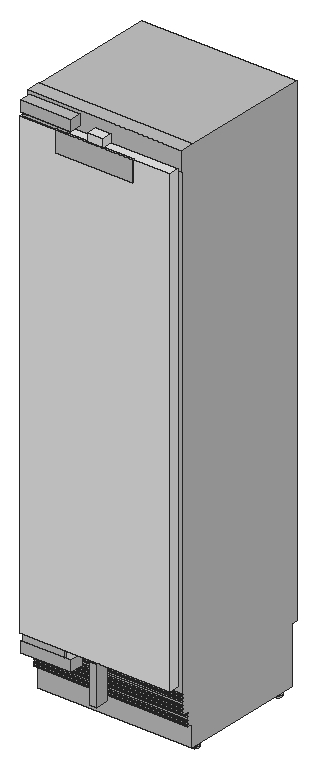
Revit family "FP_Revit_18_RS6121FLJK1_Freezer_90001096A", category Specialty Equipment, Revit 2018
Family settings
  Round Connector Dimension = Use Diameter
  Part Type = Normal
  OmniClass Number = 23.40.40.11.11
  OmniClass Title = Refrigerators and Freezers
  Work Plane-Based = No
  Always vertical = Yes
  Cut with Voids When Loaded = Yes
  Shared = No
  Room Calculation Point = No
Parameters (values of type "RS6121FLK1")
  Visibility - Water Connection = no
  Visibility - Visibility Control Note = yes
  Visibility - Clearance Required = yes
  URL = "www.fisherpaykel.com"
  Stainless Steel Door Panels (RD6121L10D) = no
  Product - Width = 603 mm  # constant formula
  Product - Height = 2134 mm  # constant formula
  Product - Depth (exl front panel) = 610 mm  # constant formula
  Model = "RS6121FLK1"
  Material - Handle = Fisher & Paykel - Aluminium
  Material - Door Structure = Fisher & Paykel - White
  Material - Door Front = Fisher & Paykel - Stainless Steel
  Material - Body = Fisher & Paykel - Grey
  Manufacturer = "Fisher & Paykel Appliances"
  Handle Style - Contemporary Square (AHD3-RD21) = no
  Handle Style - Contemporary Round (AHS-RD21) = no
  Description = "61cm Integrated Column Freezer, stainless steel interior"
  Connector Description - Water = "Water Supply not required"
  Connector Description - Electrical = "230 V, 10 amp fused electrical supply"
  Cavity - Width = 610 mm  # constant formula
  Cavity - Height = 2134 mm  # constant formula
  Cavity - Depth = 650 mm  # constant formula
Types (4, lengths in mm): name | Visibility - Water Connection | Model | Description | Connector Description - Water
  (no name) | no | "RS6121FLK1" | "61cm Integrated Column Freezer, stainless steel interior" | "Water Supply not required"
  RS6121FLJK1 | yes | "RS6121FLJK1" | "61cm Integrated Column Freezer with internal ice maker, stainless steel interior" | "1/2 BSP Stainless steel braided hose"
  RS6121FLK1 | no | "RS6121FLK1" | "61cm Integrated Column Freezer, stainless steel interior" | "Water Supply not required"
  RS6121FLJ1 | yes | "RS6121FLJ1" | "61cm Integrated Column Freezer with internal ice maker, white interior" | "1/2 BSP Stainless steel braided hose"
Reference planes
  plane 1 "Datum": y = 0
  plane 2: z = 0
  plane 3 "Center (Left/Right)": x = 0
  plane 4 "Product LHS": x = -301.5
  plane 5 "Product RHS": x = 301.5
  plane 6 "Product - Depth": y = 610
  plane 7 "Cavity LHS": x = -305
  plane 8 "Cavity RHS": x = 305
  plane 9 "Cavity - Depth": y = 628
  plane 10 "Handle Offset": x = 238.5
  plane 11 "Product Height": z = 2134
  plane 12 "Cavity Height": z = 2134
  plane 13 "Door Panel Datum": y = -4.1
Forms (mm)
  Extrusion 1, solid, material "Fisher & Paykel - Grey" <- "Material - Body", detail levels fine
    sketch origin (0, 0, 0) x (0, 1, 0) y (0, 0, 1)
      loop
        line (100.1, 19.1) -> (587.9, 19.1) -> (587.9, 239.7) -> (610, 239.7) -> (610, 2131.9) -> (105.1, 2131.9) -> (105.1, 2134) -> (49.9, 2134) -> (49.9, 2059) -> (56, 2059) -> (56, 228.6) -> (59.5, 228.6) -> (59.5, 219.7) -> (56.5, 219.7) -> (56.5, 215.9) -> (59.5, 215.9) -> (59.5, 207) -> (56.5, 207) -> (56.5, 203.2) -> (59.5, 203.2) -> (59.5, 194.3) -> (56.5, 194.3) -> (56.5, 190.5) -> (59.5, 190.5) -> (59.5, 181.6) -> (56.5, 181.6) -> (56.5, 177.8) -> (59.5, 177.8) -> (59.5, 168.9) -> (56.5, 168.9) -> (56.5, 165.1) -> (59.5, 165.1) -> (59.5, 156.2) -> (56.5, 156.2) -> (56.5, 152.4) -> (84.1, 152.4) -> (84.1, 143.5) -> (81.1, 143.5) -> (81.1, 139.7) -> (84.1, 139.7) -> (84.1, 130.8) -> (81.1, 130.8) -> (81.1, 127) -> (84.1, 127) -> (84.1, 118.1) -> (81.1, 118.1) -> (81.1, 114.3) -> (84.1, 114.3) -> (84.1, 105.4) -> (81.1, 105.4) -> (81.1, 101.6) -> (100.1, 101.6) -> (100.1, 19.1)
    from -301.5 to 301.5
  Extrusion 2, solid, material "Fisher & Paykel - Grey" <- "Material - Body"
    sketch origin (0, 0, 0) x (1, 0, 0) y (0, 1, 0)
      loop
        circle (-281, 547.8) r 4.1
      loop
        circle (-281, 141.8) r 4.1
      loop
        circle (281, 547.8) r 4.1
      loop
        circle (281, 141.8) r 4.1
    from 3 to 19.1
  Extrusion 3, solid, material "Fisher & Paykel - Grey" <- "Material - Body"
    sketch origin (0, 0, 0) x (1, 0, 0) y (0, 1, 0)
      loop
        circle (-281, 547.8) r 14.5
      loop
        circle (-281, 141.8) r 14.555
      loop
        circle (281, 547.8) r 14.5
      loop
        circle (281, 141.8) r 14.555
    from 0 to 3
  Extrusion 4, solid, material "Fisher & Paykel - Grey" <- "Material - Body", detail levels fine
    sketch origin (0, 0, 0) x (1, 0, 0) y (0, 1, 0)
      loop
        line (-7.5, 49) -> (-13.797, -4.1) -> (13.797, -4.1) -> (7.5, 49) -> (-7.5, 49)
    from 104.2 to 254.2
  Extrusion 5, solid, material "Fisher & Paykel - Grey" <- "Material - Body", detail levels fine
    sketch origin (0, 0, 0) x (0, 1, 0) y (0, 0, 1)
      loop
        line (0, 2070.6) -> (0, 1988.6) -> (2, 1988.6) -> (2, 2068.6) -> (4, 2068.6) -> (4, 2070.6) -> (0, 2070.6)
    from -150 to 150
  Extrusion 6, solid, material "Fisher & Paykel - Grey" <- "Material - Body"
    sketch origin (0, 0, 0) x (1, 0, 0) y (0, 0, 1)
      loop
        circle (226.5, 119.813) r 5
      loop
        circle (-226.5, 119.813) r 5
    from -590 to -587.9
  Extrusion 7, solid, material "Fisher & Paykel - White" <- "Material - Door Structure"
    sketch origin (0, 0, 0) x (1, 0, 0) y (0, 1, 0)
      loop
        line (-276.5, 56) -> (-276.5, 42) -> (276.5, 42) -> (276.5, 56) -> (-276.5, 56)
    from 269.6 to 2030.7
  Extrusion 8, solid, material "Fisher & Paykel - White" <- "Material - Door Structure"
    sketch origin (0, 0, 0) x (1, 0, 0) y (0, 1, 0)
      loop
        line (-292.9, 42) -> (-292.9, 3) -> (292.9, 3) -> (292.9, 42) -> (-292.9, 42)
    from 254.2 to 2068.6
  Extrusion 9, solid, material "Fisher & Paykel - White" <- "Material - Door Structure", detail levels fine
    sketch origin (0, 0, 0) x (1, 0, 0) y (0, 0, 1)
      loop
        line (-29.5, 2100.1) -> (-29.5, 2068.6) -> (29.5, 2068.6) -> (29.5, 2100.1) -> (-29.5, 2100.1)
    from -42 to -3
  Extrusion 10, solid, material "Fisher & Paykel - Stainless Steel" <- "Material - Door Front", visible <- "Stainless Steel Door Panels (RD6121L10D)"
    sketch origin (0, 0, 0) x (0, 1, 0) y (0, 0, 1)
      loop
        line (-22.1, 2130.8) -> (-22.1, 102) -> (-4.1, 102) -> (-4.1, 2130.8) -> (-22.1, 2130.8)
    from -301.5 to 301.5
  Extrusion 11, solid, material "Fisher & Paykel - Grey" <- "Material - Body", detail levels coarse+medium
    sketch origin (0, 0, 0) x (0, 1, 0) y (0, 0, 1)
      loop
        line (49.9, 2134) -> (49.9, 2059) -> (56, 2059) -> (56, 152.4) -> (81.1, 152.4) -> (81.1, 101.6) -> (100.1, 101.6) -> (100.1, 19.1) -> (587.9, 19.1) -> (587.9, 239.7) -> (610, 239.7) -> (610, 2134) -> (49.9, 2134)
    from -301.5 to 301.5
  Extrusion 12, solid, material "Fisher & Paykel - Grey" <- "Material - Body", detail levels fine
    sketch origin (0, 0, 0) x (-1, 0, 0) y (0, 0, -1)
      loop
        line (289.9, -187.65) -> (95.42, -187.65) -> (95.42, -229.75) -> (289.9, -229.75) -> (289.9, -187.65)
    from -56 to -2.5
  Extrusion 13, solid, material "Fisher & Paykel - Grey" <- "Material - Body", detail levels fine
    sketch origin (0, 0, 0) x (-1, 0, 0) y (0, 0, -1)
      loop
        line (289.9, -2123.15) -> (289.9, -2081.05) -> (95.42, -2081.05) -> (95.42, -2123.15) -> (289.9, -2123.15)
    from -49 to -2.5
  Extrusion 14, solid, material "Fisher & Paykel - Grey" <- "Material - Body", detail levels fine
    sketch origin (0, 0, -4) x (0, 1, 0) y (0, 0, 1)
      loop
        arc (163.888, 23.1) -> (180.4, 13.63) -> (196.912, 23.1) r 19.13
        line (196.912, 23.1) -> (163.888, 23.1)
      loop
        arc (493.888, 23.1) -> (510.4, 13.63) -> (526.912, 23.1) r 19.13
        line (526.912, 23.1) -> (493.888, 23.1)
    from 191 to 219
  Extrusion 15, solid, material "Fisher & Paykel - Grey" <- "Material - Body", detail levels fine
    sketch origin (0, 0, -4) x (0, 1, 0) y (0, 0, -1)
      loop
        line (163.888, -23.1) -> (196.912, -23.1)
        arc (196.912, -23.1) -> (180.4, -13.63) -> (163.888, -23.1) r 19.13
      loop
        line (493.888, -23.1) -> (526.912, -23.1)
        arc (526.912, -23.1) -> (510.4, -13.63) -> (493.888, -23.1) r 19.13
    from 191 to 219
  Extrusion 16, solid, material "Fisher & Paykel - Clearance Required", visible <- "Visibility - Clearance Required", detail levels coarse
    sketch origin (0, 0, 0) x (1, 0, 0) y (0, 1, 0)
      loop
        line (-305, 628) -> (-305, -4.1) -> (305, -4.1) -> (305, 628) -> (-305, 628)
    from 0 to 2134
  Extrusion 17, void
    sketch origin (0, 0, 0) x (1, 0, 0) y (0, 1, 0)
      loop
        line (-305, 628) -> (-305, -22.1) -> (305, -22.1) -> (305, 628) -> (-305, 628)
    from 0 to 2134
  Extrusion 18, solid, material "Fisher & Paykel - Clearance Required", visible <- "Visibility - Clearance Required", detail levels coarse
    sketch origin (0, 0, 0) x (-1, 0, 0) y (0, -1, 0)
      loop
        line (-301.5, 22) -> (301.5, 22)
        arc (301.5, 22) -> (310.614, 38.517) -> (329.447, 39.615) r 19.524
        line (329.447, 39.615) -> (550.259, 513.224) -> (574.757, 501.803)
        arc (574.757, 501.803) -> (598.009, 510.266) -> (589.546, 533.517) r 17.497
        line (589.546, 533.517) -> (565.059, 544.952) -> (584.283, 586.12)
        arc (584.283, 586.12) -> (-13.379, 547.082) -> (-301.5, 22) r 622.524
    from 0 to 2134
  Extrusion 19, solid, material "Fisher & Paykel - Grey" <- "Material - Body", detail levels fine
    sketch origin (0, 0, 0) x (-1, 0, 0) y (0, 0, -1)
      loop
        line (118.4, -254.2) -> (282.9, -254.2) -> (282.9, -229.75) -> (118.4, -229.75) -> (118.4, -254.2)
      loop
        line (106, -2081.05) -> (242.9, -2081.05) -> (282.9, -2076.05) -> (282.9, -2068.6) -> (106, -2068.6) -> (106, -2081.05)
    from -7 to -4
Lines and regions (mm)
  model lines, style "Fisher & Paykel"
    curve 1: line (-301.5, -4.1, 2130.8) -> (301.5, -4.1, 2130.8)
    curve 2: line (-301.5, -4.1, 102) -> (-301.5, -4.1, 2130.8)
    curve 3: line (301.5, -4.1, 102) -> (-301.5, -4.1, 102)
    curve 4: line (301.5, -4.1, 2130.8) -> (301.5, -4.1, 102)
Text (mm)
  text "Due to ongoing product development, product details are subject to change without notice. \nPlease always refer to www.fisherpaykel.com for the most current product information. \n© Fisher & Paykel 2020" at (41.04, -678.295, 0), in view "Ref. Level (Plan)"
Dimensions and locks
  equal spacing: plane 4 "Product LHS", plane 3 "Center (Left/Right)", plane 5 "Product RHS"
  "Product - Width": plane 4 "Product LHS" to plane 5 "Product RHS"
  "Product - Depth (exl front panel)": plane 1 "Datum" to plane 6 "Product - Depth"
  equal spacing: plane 7 "Cavity LHS", plane 3 "Center (Left/Right)", plane 8 "Cavity RHS"
  "Cavity - Width": plane 7 "Cavity LHS" to plane 8 "Cavity RHS"
  plane 4 "Product LHS" to Extrusion 2 sketch curve = 24.6 mm
  plane 4 "Product LHS" to plane 10 "Handle Offset" = 540 mm
  Extrusion 6 sketch curve to Extrusion 1 = 119.887 mm  (x2)
  Extrusion 6 sketch curve to plane 5 "Product RHS" = 75 mm
  plane 4 "Product LHS" to Extrusion 6 sketch curve = 75 mm
  Extrusion 1 sketch curve to Extrusion 1 sketch curve = 82.5 mm
  Extrusion 1 sketch curve to Extrusion 1 sketch curve = 209.5 mm
  Extrusion 3 to level = 3 mm
  Extrusion 11 to Extrusion 8 = 235.1 mm
  Extrusion 11 to Extrusion 7 = 250.5 mm
  Extrusion 11 to Extrusion 11 = 2114.9 mm
  Extrusion 11 to Extrusion 10 = 82.9 mm
  "Product - Height": level to plane 11 "Product Height"
  plane 11 "Product Height" to Extrusion 10 = 3.2 mm
  Extrusion 8 to plane 11 "Product Height" = 65.4 mm
  Extrusion 7 to plane 11 "Product Height" = 103.3 mm
  Extrusion 11 sketch curve to plane 11 "Product Height" = 75 mm
  Extrusion 1 sketch curve to plane 11 "Product Height" = 2.1 mm
  Extrusion 1 sketch curve to plane 11 "Product Height" = 75 mm
  "Cavity - Height": plane 12 "Cavity Height" to level
  plane 1 "Datum" to Extrusion 16 = 628 mm
  plane 1 "Datum" to Extrusion 17 = 628 mm
  Extrusion 19 sketch curve to Extrusion 19 sketch curve = 40 mm
  Extrusion 19 sketch curve to Extrusion 19 sketch curve = 176.9 mm
  plane 3 "Center (Left/Right)" to Extrusion 19 sketch curve = 106 mm
  plane 3 "Center (Left/Right)" to Extrusion 19 sketch curve = 118.4 mm
  "Cavity - Depth": Extrusion 17 to Extrusion 18
  Extrusion 18 to plane 1 "Datum" = 22 mm
  radius of Extrusion 6 sketch curve = 5 mm
  aligned and locked: level to plane 2
  aligned and locked: Extrusion 10 to plane 5 "Product RHS"
  aligned and locked: plane 4 "Product LHS" to Extrusion 10
  aligned and locked: Extrusion 11 to plane 5 "Product RHS"
  aligned and locked: Extrusion 11 to plane 4 "Product LHS"
  aligned and locked: Extrusion 11 sketch curve to plane 11 "Product Height"
  aligned and locked: plane 11 "Product Height" to Extrusion 1 sketch curve
  aligned and locked: Extrusion 14 sketch curve to Extrusion 14 sketch curve
  aligned and locked: Extrusion 15 sketch curve to Extrusion 15 sketch curve
  aligned and locked: Extrusion 1 to plane 5 "Product RHS"
  aligned and locked: plane 4 "Product LHS" to Extrusion 1
  aligned and locked: Extrusion 2 to Extrusion 1
  aligned and locked: nested 3 to plane 10 "Handle Offset"
  aligned and locked: nested 2 to plane 10 "Handle Offset"
Automatic sketch dimensions
  Extrusion 2 sketch curve to plane 4 "Product LHS" = 20.5 mm  (x2)
  plane 5 "Product RHS" to Extrusion 2 sketch curve = 20.5 mm  (x2)
  Extrusion 2 sketch curve to plane 1 "Datum" = 141.8 mm  (x2)
  Extrusion 2 sketch curve to plane 6 "Product - Depth" = 62.2 mm  (x2)
  Extrusion 3 sketch curve to plane 4 "Product LHS" = 20.5 mm  (x2)
  plane 5 "Product RHS" to Extrusion 3 sketch curve = 20.5 mm  (x2)
  Extrusion 3 sketch curve to plane 1 "Datum" = 141.8 mm  (x2)
  Extrusion 3 sketch curve to plane 6 "Product - Depth" = 62.2 mm  (x2)
  plane 1 "Datum" to Extrusion 4 sketch curve = 4.1 mm
  Extrusion 4 sketch curve to plane 3 "Center (Left/Right)" = 13.797 mm
  Extrusion 4 sketch curve to plane 3 "Center (Left/Right)" = 7.5 mm
  plane 3 "Center (Left/Right)" to Extrusion 4 sketch curve = 7.5 mm
  plane 3 "Center (Left/Right)" to Extrusion 4 sketch curve = 13.797 mm
  Extrusion 4 sketch curve to plane 1 "Datum" = 49 mm
  Extrusion 5 sketch curve to plane 1 "Datum" = 0 mm
  Extrusion 5 sketch curve to plane 1 "Datum" = 2 mm
  Extrusion 5 sketch curve to Extrusion 5 sketch curve = 2 mm  (x2)
  plane 11 "Product Height" to Extrusion 5 sketch curve = 145.4 mm
  plane 11 "Product Height" to Extrusion 5 sketch curve = 65.4 mm
  Extrusion 7 sketch curve to plane 4 "Product LHS" = 25 mm
  plane 5 "Product RHS" to Extrusion 7 sketch curve = 25 mm
  Extrusion 7 sketch curve to plane 1 "Datum" = 42 mm
  Extrusion 7 sketch curve to Extrusion 7 sketch curve = 14 mm
  Extrusion 8 sketch curve to plane 1 "Datum" = 3 mm
  Extrusion 8 sketch curve to plane 4 "Product LHS" = 8.6 mm
  plane 5 "Product RHS" to Extrusion 8 sketch curve = 8.6 mm
  Extrusion 8 sketch curve to Extrusion 8 sketch curve = 39 mm
  Extrusion 9 sketch curve to plane 3 "Center (Left/Right)" = 29.5 mm
  plane 3 "Center (Left/Right)" to Extrusion 9 sketch curve = 29.5 mm
  plane 11 "Product Height" to Extrusion 9 sketch curve = 65.4 mm
  Extrusion 9 sketch curve to Extrusion 9 sketch curve = 31.5 mm
  plane 1 "Datum" to Extrusion 10 sketch curve = 22.1 mm
  plane 1 "Datum" to Extrusion 10 sketch curve = 4.1 mm
  level to Extrusion 10 sketch curve = 102 mm
  plane 11 "Product Height" to Extrusion 10 sketch curve = 3.2 mm
  plane 3 "Center (Left/Right)" to Extrusion 12 sketch curve = 95.42 mm
  plane 4 "Product LHS" to Extrusion 12 sketch curve = 11.6 mm
  Extrusion 12 sketch curve to level = 187.65 mm
  Extrusion 12 sketch curve to Extrusion 12 sketch curve = 42.1 mm
  Extrusion 13 sketch curve to plane 11 "Product Height" = 10.85 mm
  plane 3 "Center (Left/Right)" to Extrusion 13 sketch curve = 95.42 mm
  plane 4 "Product LHS" to Extrusion 13 sketch curve = 11.6 mm
  Extrusion 13 sketch curve to Extrusion 13 sketch curve = 42.1 mm
  Extrusion 14 sketch curve to plane 1 "Datum" = 163.888 mm
  Extrusion 14 sketch curve to Extrusion 14 sketch curve = 16.512 mm  (x2)
  Extrusion 14 sketch curve to plane 6 "Product - Depth" = 116.112 mm
  Extrusion 14 sketch curve to Extrusion 14 sketch curve = 9.66 mm  (x2)
  Extrusion 15 sketch curve to plane 1 "Datum" = 163.888 mm
  Extrusion 15 sketch curve to Extrusion 15 sketch curve = 16.512 mm  (x2)
  Extrusion 15 sketch curve to plane 6 "Product - Depth" = 116.112 mm
  Extrusion 15 sketch curve to Extrusion 15 sketch curve = 9.66 mm  (x2)
  Extrusion 16 sketch curve to plane 7 "Cavity LHS" = 0 mm
  Extrusion 16 sketch curve to plane 8 "Cavity RHS" = 0 mm
  Extrusion 16 sketch curve to plane 9 "Cavity - Depth" = 0 mm
  plane 1 "Datum" to Extrusion 16 sketch curve = 4.1 mm
  Extrusion 17 sketch curve to plane 7 "Cavity LHS" = 0 mm
  Extrusion 17 sketch curve to plane 8 "Cavity RHS" = 0 mm
  plane 9 "Cavity - Depth" to Extrusion 17 sketch curve = 0 mm
  plane 1 "Datum" to Extrusion 17 sketch curve = 22.1 mm
  Extrusion 18 sketch curve to Extrusion 18 sketch curve = 0.001 mm
  Extrusion 18 sketch curve to Extrusion 18 sketch curve = 0 mm
  Extrusion 18 sketch curve to plane 5 "Product RHS" = 0 mm
  Extrusion 18 sketch curve to plane 4 "Product LHS" = 0 mm
  Extrusion 18 sketch curve to plane 7 "Cavity LHS" = 16.024 mm
  Extrusion 18 sketch curve to Extrusion 18 sketch curve = 8.422 mm
  Extrusion 18 sketch curve to plane 7 "Cavity LHS" = 245.259 mm
  Extrusion 18 sketch curve to Extrusion 18 sketch curve = 14.8 mm
  Extrusion 18 sketch curve to Extrusion 18 sketch curve = 24.498 mm
  Extrusion 18 sketch curve to Extrusion 18 sketch curve = 7.394 mm  (x2)
  Extrusion 18 sketch curve to Extrusion 18 sketch curve = 19.224 mm
  Extrusion 18 sketch curve to plane 1 "Datum" = 586.12 mm
  Extrusion 18 sketch curve to Extrusion 18 sketch curve = 41.168 mm
  Extrusion 18 sketch curve to Extrusion 18 sketch curve = 15.857 mm
  Extrusion 19 sketch curve to plane 11 "Product Height" = 52.95 mm
  plane 4 "Product LHS" to Extrusion 19 sketch curve = 18.6 mm
  Extrusion 19 sketch curve to Extrusion 19 sketch curve = 5 mm
  Extrusion 19 sketch curve to Extrusion 19 sketch curve = 12.45 mm
  Extrusion 19 sketch curve to level = 254.2 mm
  Extrusion 19 sketch curve to Extrusion 19 sketch curve = 24.45 mm
  Extrusion 11 sketch curve to plane 6 "Product - Depth" = 0 mm
  Extrusion 11 sketch curve to plane 6 "Product - Depth" = 22.1 mm
  Extrusion 11 sketch curve to plane 1 "Datum" = 100.1 mm
  Extrusion 11 sketch curve to Extrusion 11 sketch curve = 19 mm
  Extrusion 11 sketch curve to plane 1 "Datum" = 56 mm
  Extrusion 11 sketch curve to plane 1 "Datum" = 49.9 mm
  level to Extrusion 11 sketch curve = 152.4 mm
  Extrusion 11 sketch curve to Extrusion 11 sketch curve = 50.8 mm
  level to Extrusion 11 sketch curve = 19.1 mm
  Extrusion 11 sketch curve to Extrusion 11 sketch curve = 220.6 mm
  level to Extrusion 14 sketch curve = 19.1 mm
  level to Extrusion 15 sketch curve = 28.76 mm
  Extrusion 1 sketch curve to plane 6 "Product - Depth" = 0 mm
  Extrusion 1 sketch curve to Extrusion 1 sketch curve = 22.1 mm
  Extrusion 1 sketch curve to plane 1 "Datum" = 105.1 mm
  level to Extrusion 1 sketch curve = 19.1 mm
  Extrusion 1 sketch curve to plane 1 "Datum" = 100.1 mm
  Extrusion 1 sketch curve to Extrusion 1 sketch curve = 16 mm
  Extrusion 1 sketch curve to Extrusion 1 sketch curve = 0 mm  (x8)
  Extrusion 1 sketch curve to Extrusion 1 sketch curve = 3 mm  (x10)
  Extrusion 1 sketch curve to plane 1 "Datum" = 59.5 mm
  Extrusion 1 sketch curve to plane 1 "Datum" = 56 mm
  Extrusion 1 sketch curve to plane 1 "Datum" = 49.9 mm
  Extrusion 1 sketch curve to Extrusion 1 sketch curve = 3.8 mm  (x10)
  Extrusion 1 sketch curve to Extrusion 1 sketch curve = 8.9 mm  (x9)
  Extrusion 1 sketch curve to Extrusion 1 sketch curve = 220.6 mm
  plane 5 "Product RHS" to curve 1 = 0 mm
  plane 4 "Product LHS" to curve 3 = 0 mm
  level to curve 3 = 102 mm
  plane 11 "Product Height" to curve 2 = 3.2 mm
  radius of Extrusion 2 sketch curve = 4.1 mm  (x3)
  radius of Extrusion 3 sketch curve = 14.5 mm  (x2)
  radius of Extrusion 3 sketch curve = 14.555 mm  (x2)
  radius of Extrusion 6 sketch curve = 5 mm
Nested families
  nested 1: "Visibility Control Note 18" at (0, 0, 0), visible <- "Visibility - Visibility Control Note", type "Visibility Control Note 18"
  nested 2: "Handle Contemporary Round - Vertical" at (238.5, -22.1, 1242.58), visible <- "Handle Style - Contemporary Round (AHS-RD21)", type "AHS-RD21 - Contemporary round handle (Vertical) 852mm"
  nested 3: "Handle Contemporary Square - Vertical" at (238.5, -22.1, 1242.58), visible <- "Handle Style - Contemporary Square (AHD3-RD21)", type "AHD3-RD21 - Contemporary square handle (Vertical) 852mm"
Connectors
  electrical at (-226.5, 590, 119.813), driven by "Connector Description - Electrical"
    settings: on Extrusion 6, index 1, voltage 230 V, apparent load 0 VA, apparent load phase1 0 VA, apparent load phase2 0 VA, apparent load phase3 0 VA, power factor 1, load classification "Other", number of poles 1, system type 30, power factor state 1, is connector primary yes, connector utility no, sub classification motor no, connector description "230 V, 10 amp fused electrical supply"
  piping at (226.5, 590, 119.813), diameter 12.7, driven by "Connector Description - Water", driven by "Visibility - Water Connection"
    settings: on Extrusion 6, index 2, connector inside diameter 609.6 mm, connector length 0 mm, flow factor 0, pipe flow 0.0 L/s, pressure drop 0.0 Pa, fitting loss kfactor 0, connector angle 0.00°, fixture units 0, engagement length 0 mm, angle of deflection 0.00°, flow configuration 0, flow direction 1, fitting loss method 0, system type 20, joint type 0, gender type 0, connector reference index -1, connector utility 0, adjustable connector no, is connector primary yes, connector description "Water Supply not required"
Definition of nested family "Handle Contemporary Round - Vertical"
  Parameters (values of type "AHSRS80A - Contemporary round handle (1 of 2) (Vertical) 727mm")
    URL = "www.fisherpaykel.com"
    Material - Handle = none
    Manufacturer = "Fisher & Paykel Appliances"
    Handle - Length = 727 mm
  Types (6, lengths in mm): name | Handle - Length
    AHS-RD21 - Contemporary round handle (Vertical) 852mm | 852
    AHSRD2484W - Contemporary round handle (1 of 2) (Vertical) 727mm | 727
    AHSRD3084W - Contemporary round handle (1 of 2) (Vertical) 727mm | 727
    AHS-RD84 - Contemporary round handle (Vertical) 852mm | 852
    AHSRS3272A - Contemporary round handle (1 of 2) (Vertical) 727mm | 727
    AHSRS80A - Contemporary round handle (1 of 2) (Vertical) 727mm | 727
  Reference planes
    plane 1 "Center (Front/Back)": y = 0
    plane 2: z = 0
    plane 3 "Center (Left/Right)": x = 0
    plane 4 "Top": z = 363.5
    plane 5 "Bottom": z = -363.5
    plane 6 "Top Standoff": z = 243.5
    plane 7 "Bottom Standoff": z = -243.5
  Forms (mm)
    Extrusion 1, solid, material <- "Material - Handle"
      sketch origin (0, 0, 0) x (1, 0, 0) y (0, 1, 0)
        loop
          circle (0, -32.3) r 8.7
      from -243.5 to 243.5
    Extrusion 2, solid, material <- "Material - Handle", detail levels fine
      sketch origin (0, 0, 0) x (1, 0, 0) y (0, 1, 0)
        loop
          line (-8.7, 0) -> (-8.7, -32.3)
          arc (-8.7, -32.3) -> (0, -41) -> (8.7, -32.3) r 8.7
          line (8.7, -32.3) -> (8.7, 0) -> (-8.7, 0)
      from 243.5 to 363.5
    Extrusion 3, solid, material <- "Material - Handle", detail levels fine
      sketch origin (0, 0, 0) x (1, 0, 0) y (0, 1, 0)
        loop
          line (-8.7, 0) -> (-8.7, -32.3)
          arc (-8.7, -32.3) -> (0, -41) -> (8.7, -32.3) r 8.7
          line (8.7, -32.3) -> (8.7, 0) -> (-8.7, 0)
      from -363.5 to -243.5
    Sweep 4, void
      path in 3D
        loop
          line (8.7, 0, -363.5) -> (8.7, -32.3, -363.5)
          arc (8.7, -32.3, -363.5) -> (0, -41, -363.5) -> (-8.7, -32.3, -363.5) r 8.7
          line (-8.7, -32.3, -363.5) -> (-8.7, 0, -363.5)
      profile origin (8.7, -16.15, -363.5) x (-1, 0, 0) y (0, 0, -1)
        loop
          line (0, 0) -> (0, -1) -> (1, 0) -> (0, 0)
    Sweep 5, void
      path in 3D
        loop
          line (-8.7, 0, 363.5) -> (-8.7, -32.3, 363.5)
          arc (-8.7, -32.3, 363.5) -> (0, -41, 363.5) -> (8.7, -32.3, 363.5) r 8.7
          line (8.7, -32.3, 363.5) -> (8.7, 0, 363.5)
      profile origin (8.7, -16.15, 363.5) x (-1, 0, 0) y (0, 0, 1)
        loop
          line (0, 0) -> (0, -1) -> (1, 0) -> (0, 0)
    Extrusion 6, solid, material <- "Material - Handle", detail levels coarse+medium
      sketch origin (0, 0, 0) x (1, 0, 0) y (0, 1, 0)
        loop
          line (-8.7, 0) -> (-8.7, -32.3)
          arc (-8.7, -32.3) -> (0, -41) -> (8.7, -32.3) r 8.7
          line (8.7, -32.3) -> (8.7, 0) -> (-8.7, 0)
      from 243.5 to 363.5
    Extrusion 7, solid, material <- "Material - Handle", detail levels coarse+medium
      sketch origin (0, 0, 0) x (1, 0, 0) y (0, 1, 0)
        loop
          line (-8.7, 0) -> (-8.7, -32.3)
          arc (-8.7, -32.3) -> (0, -41) -> (8.7, -32.3) r 8.7
          line (8.7, -32.3) -> (8.7, 0) -> (-8.7, 0)
      from -363.5 to -243.5
  Cuts and joins
    Sweep 4 cuts Extrusion 3
    Sweep 5 cuts Extrusion 2
  Lines and regions (mm)
    sketch lines
      curve 1: line (8.7, 0, -363.5) -> (8.7, -32.3, -363.5)
      curve 2: arc (-8.7, -32.3, -363.5) -> (0, -41, -363.5) -> (8.7, -32.3, -363.5) r 8.7
      curve 3: line (-8.7, -32.3, -363.5) -> (-8.7, 0, -363.5)
      curve 4: line (8.7, -32.3, 363.5) -> (8.7, 0, 363.5)
      curve 5: arc (8.7, -32.3, 363.5) -> (0, -41, 363.5) -> (-8.7, -32.3, 363.5) r 8.7
      curve 6: line (-8.7, 0, 363.5) -> (-8.7, -32.3, 363.5)
  Dimensions and locks
    equal spacing: plane 4 "Top", level, plane 5 "Bottom"
    "Handle - Length": plane 4 "Top" to plane 5 "Bottom"
    locked: plane 4 "Top" to plane 6 "Top Standoff" at 120
    locked: plane 7 "Bottom Standoff" to plane 5 "Bottom" at 120
    Extrusion 2 sketch curve to Extrusion 2 sketch curve = 17.4 mm
    Extrusion 3 sketch curve to Extrusion 3 sketch curve = 17.4 mm
    Extrusion 6 sketch curve to Extrusion 6 sketch curve = 17.4 mm
    Extrusion 7 sketch curve to Extrusion 7 sketch curve = 17.4 mm
    aligned and locked: level to plane 2
    aligned and locked: plane 4 "Top" to Extrusion 2
    aligned and locked: Extrusion 3 to plane 5 "Bottom"
    aligned and locked: plane 7 "Bottom Standoff" to Extrusion 3
    aligned and locked: Extrusion 1 to plane 7 "Bottom Standoff"
    aligned and locked: plane 6 "Top Standoff" to Extrusion 1
    aligned and locked: Extrusion 2 to Extrusion 1
    aligned and locked: Extrusion 6 to Extrusion 1
    aligned and locked: plane 4 "Top" to Extrusion 6
    aligned and locked: Extrusion 7 to Extrusion 1
    aligned and locked: Extrusion 7 to plane 5 "Bottom"
  Automatic sketch dimensions
    Extrusion 1 sketch curve to plane 3 "Center (Left/Right)" = 0 mm
    plane 1 "Center (Front/Back)" to Extrusion 1 sketch curve = 32.3 mm
    plane 1 "Center (Front/Back)" to Extrusion 2 sketch curve = 0 mm
    Extrusion 2 sketch curve to plane 3 "Center (Left/Right)" = 0 mm
    Extrusion 2 sketch curve to plane 3 "Center (Left/Right)" = 8.7 mm
    plane 1 "Center (Front/Back)" to Extrusion 2 sketch curve = 32.3 mm
    plane 1 "Center (Front/Back)" to Extrusion 3 sketch curve = 0 mm
    Extrusion 3 sketch curve to plane 3 "Center (Left/Right)" = 0 mm
    Extrusion 3 sketch curve to plane 3 "Center (Left/Right)" = 8.7 mm
    plane 1 "Center (Front/Back)" to Extrusion 3 sketch curve = 32.3 mm
    Sweep 4 sketch curve to profile plane = 0 mm  (x2)
    Sweep 4 sketch curve to profile plane = 1 mm  (x2)
    Sweep 5 sketch curve to profile plane = 0 mm  (x2)
    Sweep 5 sketch curve to profile plane = 1 mm  (x2)
    Extrusion 6 sketch curve to plane 3 "Center (Left/Right)" = 0 mm
    Extrusion 6 sketch curve to plane 3 "Center (Left/Right)" = 8.7 mm
    plane 1 "Center (Front/Back)" to Extrusion 6 sketch curve = 32.3 mm
    Extrusion 6 sketch curve to Extrusion 6 sketch curve = 32.3 mm
    Extrusion 7 sketch curve to plane 3 "Center (Left/Right)" = 0 mm
    Extrusion 7 sketch curve to plane 3 "Center (Left/Right)" = 8.7 mm
    plane 1 "Center (Front/Back)" to Extrusion 7 sketch curve = 32.3 mm
    Extrusion 7 sketch curve to Extrusion 7 sketch curve = 32.3 mm
    radius of Extrusion 1 sketch curve = 8.7 mm
Definition of nested family "Handle Contemporary Square - Vertical"
  Parameters (values of type "AHD3RS80A - Contemporary square handle (1 of 2) (Vertical) 727mm")
    URL = "www.fisherpaykel.com"
    Material - Handle = none
    Manufacturer = "Fisher & Paykel Appliances"
    Handle - Length = 727 mm
  Types (7, lengths in mm): name | Handle - Length
    (no name) | 727
    AHD3-RD21 - Contemporary square handle (Vertical) 852mm | 852
    AHD3RD2484W - Contemporary square handle (1 of 2) (Vertical) 727mm | 727
    AHD3RD3084W - Contemporary square handle (1 of 2) (Vertical) 727mm | 727
    AHD3-RD84 - Contemporary square handle (Vertical) 852mm | 852
    AHD3RS3272A - Contemporary square handle (1 of 2) (Vertical) 727mm | 727
    AHD3RS80A - Contemporary square handle (1 of 2) (Vertical) 727mm | 727
  Reference planes
    plane 1 "Center (Front/Back)": y = 0
    plane 2: z = 0
    plane 3 "Center (Left/Right)": x = 0
    plane 4 "Top": z = 363.5
    plane 5 "Bottom": z = -363.5
    plane 6 "Top Standoff": z = 243.5
    plane 7 "Bottom Standoff": z = -243.5
  Forms (mm)
    Extrusion 1, solid, material <- "Material - Handle", detail levels fine
      sketch origin (0, 0, 0) x (1, 0, 0) y (0, 1, 0)
        loop
          arc (-7.583, -28.701) -> (-7.89, -29.057) -> (-8, -29.514) r 1
          line (-8, -29.514) -> (-8, -40.5)
          arc (-8, -40.5) -> (-7.561, -41.561) -> (-6.5, -42) r 1.5
          line (-6.5, -42) -> (6.5, -42)
          arc (6.5, -42) -> (7.561, -41.561) -> (8, -40.5) r 1.5
          line (8, -40.5) -> (8, -29.487)
          arc (8, -29.487) -> (7.889, -29.029) -> (7.58, -28.673) r 1
          arc (7.58, -28.673) -> (-0.006, -26.256) -> (-7.583, -28.701) r 13.038
      from -363.5 to 363.5
    Extrusion 2, solid, material <- "Material - Handle", detail levels fine
      sketch origin (0, 0, 0) x (1, 0, 0) y (0, 1, 0)
        loop
          arc (7.058, -28.23) -> (7.466, -28.244) -> (7.674, -27.893) r 0.4
          line (7.674, -27.893) -> (7.674, 0) -> (-7.674, 0) -> (-7.674, -27.86)
          arc (-7.674, -27.86) -> (-7.467, -28.21) -> (-7.06, -28.198) r 0.4
          arc (-7.06, -28.198) -> (0.004, -26.156) -> (7.058, -28.23) r 13.136
      from 243.5 to 363.5
    Extrusion 3, solid, material <- "Material - Handle", detail levels fine
      sketch origin (0, 0, 0) x (1, 0, 0) y (0, 1, 0)
        loop
          arc (7.058, -28.23) -> (7.466, -28.244) -> (7.674, -27.893) r 0.4
          line (7.674, -27.893) -> (7.674, 0) -> (-7.674, 0) -> (-7.674, -27.86)
          arc (-7.674, -27.86) -> (-7.467, -28.21) -> (-7.06, -28.198) r 0.4
          arc (-7.06, -28.198) -> (0.004, -26.156) -> (7.058, -28.23) r 13.136
      from -363.5 to -243.5
    Sweep 4, void
      path in 3D
        loop
          line (-8, -29.514, 363.5) -> (-8, -40.5, 363.5)
          arc (-8, -40.5, 363.5) -> (-7.561, -41.561, 363.5) -> (-6.5, -42, 363.5) r 1.5
          line (-6.5, -42, 363.5) -> (6.5, -42, 363.5)
          arc (6.5, -42, 363.5) -> (7.561, -41.561, 363.5) -> (8, -40.5, 363.5) r 1.5
          line (8, -40.5, 363.5) -> (8, -29.487, 363.5)
      profile origin (8, -34.994, 363.5) x (-1, 0, 0) y (0, 0, 1)
        loop
          line (0, 0) -> (0, -1.3) -> (1.3, 0) -> (0, 0)
    Sweep 5, void
      path in 3D
        loop
          line (8, -29.487, -363.5) -> (8, -40.5, -363.5)
          arc (8, -40.5, -363.5) -> (7.561, -41.561, -363.5) -> (6.5, -42, -363.5) r 1.5
          line (6.5, -42, -363.5) -> (-6.5, -42, -363.5)
          arc (-6.5, -42, -363.5) -> (-7.561, -41.561, -363.5) -> (-8, -40.5, -363.5) r 1.5
          line (-8, -40.5, -363.5) -> (-8, -29.514, -363.5)
      profile origin (8, -34.994, -363.5) x (-1, 0, 0) y (0, 0, -1)
        loop
          line (0, 0) -> (0, -1.3) -> (1.3, 0) -> (0, 0)
    Extrusion 6, void
      sketch origin (0, 0, 0) x (1, 0, 0) y (0, 0, 1)
        loop
          line (-8, -362.2) -> (-8, -363.5) -> (-6.7, -363.5) -> (-8, -362.2)
        loop
          line (8, -362.2) -> (6.7, -363.5) -> (8, -363.5) -> (8, -362.2)
      from 0 to 40
    Extrusion 7, void
      sketch origin (0, 0, 0) x (1, 0, 0) y (0, 0, 1)
        loop
          line (-8, 363.5) -> (-8, 362.2) -> (-6.7, 363.5) -> (-8, 363.5)
        loop
          line (8, 363.5) -> (6.7, 363.5) -> (8, 362.2) -> (8, 363.5)
      from 0 to 40
    Extrusion 8, solid, material <- "Material - Handle", detail levels coarse+medium
      sketch origin (0, 0, 0) x (0, 1, 0) y (0, 0, 1)
        loop
          line (0, 363.5) -> (-42, 363.5) -> (-42, -363.5) -> (0, -363.5) -> (0, -243.5) -> (-26.245, -243.5) -> (-26.245, 243.5) -> (0, 243.5) -> (0, 363.5)
      from -8 to 8
  Cuts and joins
    Sweep 4, Sweep 5, Extrusion 6, Extrusion 7 cuts Extrusion 1
    Extrusion 6 cuts Extrusion 3
    Extrusion 7 cuts Extrusion 2
  Lines and regions (mm)
    sketch lines
      curve 1: line (8, -40.5, 363.5) -> (8, -29.487, 363.5)
      curve 2: arc (8, -40.5, 363.5) -> (7.561, -41.561, 363.5) -> (6.5, -42, 363.5) r 1.5
      curve 3: line (-6.5, -42, 363.5) -> (6.5, -42, 363.5)
      curve 4: arc (-6.5, -42, 363.5) -> (-7.561, -41.561, 363.5) -> (-8, -40.5, 363.5) r 1.5
      curve 5: line (-8, -29.514, 363.5) -> (-8, -40.5, 363.5)
      curve 6: line (8, -29.487, -363.5) -> (8, -40.5, -363.5)
      curve 7: arc (6.5, -42, -363.5) -> (7.561, -41.561, -363.5) -> (8, -40.5, -363.5) r 1.5
      curve 8: line (6.5, -42, -363.5) -> (-6.5, -42, -363.5)
      curve 9: arc (-8, -40.5, -363.5) -> (-7.561, -41.561, -363.5) -> (-6.5, -42, -363.5) r 1.5
      curve 10: line (-8, -40.5, -363.5) -> (-8, -29.514, -363.5)
  Dimensions and locks
    equal spacing: plane 4 "Top", level, plane 5 "Bottom"
    "Handle - Length": plane 4 "Top" to plane 5 "Bottom"
    locked: plane 4 "Top" to plane 6 "Top Standoff" at 120
    locked: plane 7 "Bottom Standoff" to plane 5 "Bottom" at 120
    aligned and locked: level to plane 2
    aligned and locked: plane 4 "Top" to Extrusion 2
    aligned and locked: Extrusion 2 to plane 6 "Top Standoff"
    aligned and locked: plane 4 "Top" to Extrusion 1
    aligned and locked: Extrusion 1 to plane 5 "Bottom"
    aligned and locked: Extrusion 3 to plane 5 "Bottom"
    aligned and locked: plane 7 "Bottom Standoff" to Extrusion 3
    aligned and locked: plane 4 "Top" to Extrusion 8 sketch curve
    aligned and locked: plane 6 "Top Standoff" to Extrusion 8 sketch curve
    aligned and locked: plane 7 "Bottom Standoff" to Extrusion 8 sketch curve
    aligned and locked: plane 5 "Bottom" to Extrusion 8 sketch curve
    aligned and locked: plane 1 "Center (Front/Back)" to Extrusion 8 sketch curve  (x2)
  Automatic sketch dimensions
    Extrusion 1 sketch curve to plane 3 "Center (Left/Right)" = 8 mm
    Extrusion 1 sketch curve to Extrusion 1 sketch curve = 1 mm  (x2)
    Extrusion 1 sketch curve to Extrusion 1 sketch curve = 1.5 mm
    plane 3 "Center (Left/Right)" to Extrusion 1 sketch curve = 0.018 mm
    plane 3 "Center (Left/Right)" to Extrusion 1 sketch curve = 6.5 mm
    plane 3 "Center (Left/Right)" to Extrusion 1 sketch curve = 7 mm
    plane 1 "Center (Front/Back)" to Extrusion 1 sketch curve = 42 mm
    Extrusion 1 sketch curve to Extrusion 1 sketch curve = 1.206 mm
    Extrusion 1 sketch curve to Extrusion 1 sketch curve = 10.986 mm
    Extrusion 1 sketch curve to Extrusion 1 sketch curve = 11.013 mm
    Extrusion 1 sketch curve to Extrusion 1 sketch curve = 0 mm
    plane 1 "Center (Front/Back)" to Extrusion 2 sketch curve = 0 mm
    Extrusion 2 sketch curve to plane 3 "Center (Left/Right)" = 7.674 mm
    Extrusion 2 sketch curve to Extrusion 2 sketch curve = 0.4 mm  (x2)
    Extrusion 2 sketch curve to plane 3 "Center (Left/Right)" = 0.026 mm
    plane 3 "Center (Left/Right)" to Extrusion 2 sketch curve = 7.274 mm
    plane 1 "Center (Front/Back)" to Extrusion 2 sketch curve = 27.86 mm
    Extrusion 2 sketch curve to Extrusion 2 sketch curve = 0.033 mm
    Extrusion 2 sketch curve to Extrusion 2 sketch curve = 11.398 mm
    Extrusion 2 sketch curve to Extrusion 2 sketch curve = 0 mm
    plane 1 "Center (Front/Back)" to Extrusion 3 sketch curve = 0 mm
    Extrusion 3 sketch curve to Extrusion 3 sketch curve = 0.4 mm  (x2)
    Extrusion 3 sketch curve to Extrusion 3 sketch curve = 7.248 mm
    Extrusion 3 sketch curve to Extrusion 3 sketch curve = 7.3 mm
    plane 1 "Center (Front/Back)" to Extrusion 3 sketch curve = 27.86 mm
    Extrusion 3 sketch curve to Extrusion 3 sketch curve = 0.033 mm
    Extrusion 3 sketch curve to Extrusion 3 sketch curve = 11.398 mm
    Extrusion 3 sketch curve to Extrusion 3 sketch curve = 0 mm
    Sweep 4 sketch curve to profile plane = 0 mm  (x2)
    Sweep 4 sketch curve to profile plane = 1.3 mm  (x2)
    Sweep 5 sketch curve to profile plane = 0 mm  (x2)
    Sweep 5 sketch curve to profile plane = 1.3 mm  (x2)
    Extrusion 6 sketch curve to plane 5 "Bottom" = 0 mm  (x2)
    plane 5 "Bottom" to Extrusion 6 sketch curve = 1.3 mm  (x2)
    Extrusion 6 sketch curve to plane 3 "Center (Left/Right)" = 8 mm
    Extrusion 6 sketch curve to Extrusion 6 sketch curve = 1.3 mm  (x2)
    plane 3 "Center (Left/Right)" to Extrusion 6 sketch curve = 8 mm
    Extrusion 7 sketch curve to plane 4 "Top" = 0 mm  (x2)
    Extrusion 7 sketch curve to plane 3 "Center (Left/Right)" = 8 mm
    Extrusion 7 sketch curve to Extrusion 7 sketch curve = 1.3 mm  (x2)
    plane 3 "Center (Left/Right)" to Extrusion 7 sketch curve = 8 mm
    Extrusion 7 sketch curve to plane 4 "Top" = 1.3 mm  (x2)
    plane 1 "Center (Front/Back)" to Extrusion 8 sketch curve = 26.245 mm
    plane 1 "Center (Front/Back)" to Extrusion 8 sketch curve = 42 mm
    Extrusion 3 sketch curve to plane 3 "Center (Left/Right)" = 7.674 mm
Definition of nested family "Visibility Control Note 18"
  Types (3): name
    New
    Resolved
    Active
  Reference planes
    plane 1: y = 0
    plane 2: x = 0
  Text (mm)
    text "Edit Type: \nTo control handle kit \nand door panel visibility\n options\n\nDelete unwanted kits \nto reduce file size" at (-0.165, 35.556, 0)
